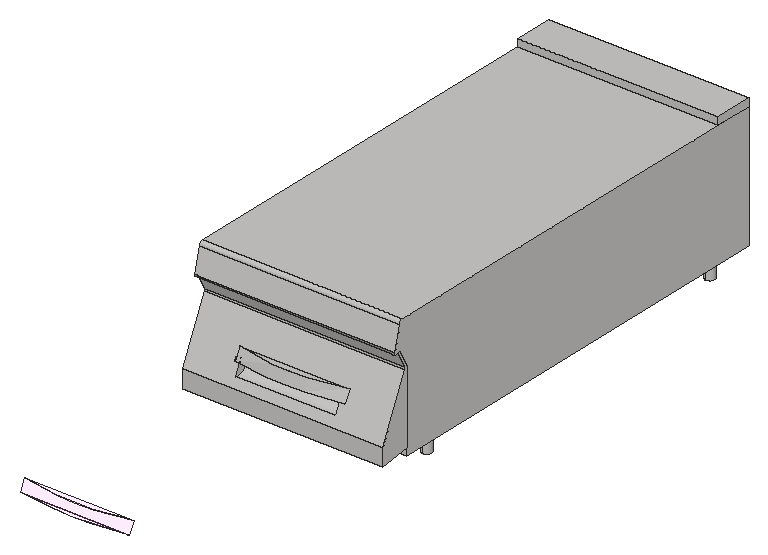
Revit family "QF_ZANUSSI_392159_Z9WTNDN00E", category Specialty Equipment, Revit 2018
Family settings
  Round Connector Dimension = Use Diameter
  Part Type = Normal
  Work Plane-Based = No
  Always vertical = Yes
  Cut with Voids When Loaded = No
  Shared = No
  Room Calculation Point = No
Parameters
  Weight = 0.00 kg
  Watts = 0 W
  Volts = 0 V
  URL Manufacturer = "http://www.zanussiprofessional.com"
  URL = "http://www.zanussiprofessional.com"
  Steam Supply Size = 0"
  Steam Supply Minimum Pressure = 0.00 psi
  Steam Supply Maximum Pressure = 0.00 psi
  Steam Pounds per Hour = 0
  Show Logo [instance] = yes
  Show Clearance [instance] = yes
  Refrigeration Suction Line Size = 0"
  Refrigeration Liquid Line Size = 0"
  Refrigerant Compressor Remote = yes
  Phase = 0
  Model = "Z9WTNDN00E"
  Manufacturer = "Zanussi"
  Length Actual = 400 mm  # constant formula
  Item Number = "392159"
  Hot Water Size = 0"
  Height Actual = 250 mm  # constant formula
  HP = "0 HP"
  Gas Size = 0"
  Gas KW = 0
  Gas Input Pressure = 0.0 Btu/h
  Direct Waste Size = 0"
  Description = "WORKTOP WITH 1 DRAWER 400 MM"
  Depth Actual = 900 mm  # constant formula
  Cycle = 0 Hz
  Condensate Return Size = 0"
  Compressed Air Volume = 0 GPM
  Compressed Air Size = 0"
  Compressed Air Pressure = 0.00 psi
  Cold Water Size = 0"
  Accessory = yes
Reference planes
  plane 1 "BACK": y = 0
  plane 2: z = 0
  plane 3 "LEFT": x = 0
  plane 4 "RIGHT": x = 400
  plane 5 "FRONT": y = -915
  plane 6 "TOP": z = 274
  plane 7 "Center Y": x = 200
  plane 8 "Center X": y = -457.5
  plane 9: z = 24
  plane 10: z = 289
  plane 11: y = -82
  plane 12: y = -790
  plane 13: y = -1452
Forms (mm)
  Extrusion 1, solid, material "QF_Finishes_Stainless Steel"
    sketch origin (0, 0, 0) x (0, 1, 0) y (0, 0, 1)
      loop
        line (0, 24) -> (0, 274) -> (-864.358, 274)
        arc (-864.358, 274) -> (-869.643, 271.811) -> (-871.833, 266.526) r 7.474
        line (-871.833, 266.526) -> (-884.884, 221.011)
        arc (-884.884, 221.011) -> (-884.396, 218.379) -> (-882, 217.184) r 3
        line (-882, 217.184) -> (-871.802, 217.184) -> (-855, 185.382) -> (-855, 24) -> (0, 24)
    from 0 to 400
  Extrusion 2, solid, material "QF_Finishes_Stainless Steel"
    sketch origin (0, -199.871, 0) x (1, 0, 0) y (0, 1, 0)
      loop
        circle (11.112, 117.871) r 9.525
      loop
        circle (388.888, 117.871) r 9.525
      loop
        circle (11.112, -590.129) r 9.525
      loop
        circle (388.888, -590.129) r 9.525
    from 0 to 23.812
  Extrusion 3, solid, material "QF_Finishes_Stainless Steel"
    sketch origin (0, -199.871, 0) x (0, 1, 0) y (0, 0, 1)
      loop
        line (199.871, 274) -> (199.871, 289) -> (123.671, 289) -> (123.671, 274) -> (199.871, 274)
    from 0 to 400
  Extrusion 4, solid, material "QF_Finishes_Stainless Steel"
    sketch origin (400, 0, 0) x (0, 1, 0) y (0, 0, 1)
      loop
        line (-915, 29.508) -> (-855, 37.94) -> (-855, 185.382) -> (-871.802, 217.184) -> (-876.044, 217.184) -> (-858, 184.14) -> (-858, 179.287) -> (-915, 64.508) -> (-915, 29.508)
    from 0 to -400
  Extrusion 5, solid, material "QF_Door-Drawer Clearances", detail levels coarse
    sketch origin (400, 0, 0) x (0, 1, 0) y (0, 0, 1)
      loop
        line (-915, 29.508) -> (-915, 64.508) -> (-858, 179.287) -> (-858, 184.14) -> (-891.044, 217.184) -> (-1428.044, 217.184) -> (-1395, 184.14) -> (-1395, 179.287) -> (-1452, 64.508) -> (-1452, 29.508) -> (-915, 29.508)
    from 0 to -400
  Extrusion 6, void
    sketch origin (200, -233.305, -452.198) x (0, 1, 0) y (0, 0, 1)
      loop
        line (-672.912, 565.282) -> (-672.912, 534.492)
        arc (-672.912, 534.492) -> (-654.376, 540.619) -> (-646.466, 558.467) r 24.091
        line (-646.466, 558.467) -> (-646.466, 565.282) -> (-672.912, 565.282)
    from -100 to 100
  Blend 7, solid, material "QF_Finishes_Stainless Steel"
    base sketch origin (100, -1.504, -7.898) x (1, 0, 0) y (0, 1, 0)
      loop
        arc (-10, -883.568) -> (100, -899.035) -> (210, -883.568) r 398.893
        line (210, -883.568) -> (-10, -883.568)
    top sketch origin (100, -1.504, -7.898) x (1, 0, 0) y (0, 1, 0)
      loop
        arc (-10, -894.666) -> (100, -904.958) -> (210, -894.666) r 593.003
        line (210, -894.666) -> (-10, -894.666)
    from 132.714 to 110.323
  Blend 8, solid, material "QF_Door-Drawer Clearances"
    base sketch origin (100, -538.483, -7.898) x (1, 0, 0) y (0, 1, 0)
      loop
        arc (-10, -883.568) -> (100, -899.035) -> (210, -883.568) r 398.893
        line (210, -883.568) -> (-10, -883.568)
    top sketch origin (100, -538.483, -7.898) x (1, 0, 0) y (0, 1, 0)
      loop
        arc (-10, -894.666) -> (100, -904.958) -> (210, -894.666) r 593.003
        line (210, -894.666) -> (-10, -894.666)
    from 132.714 to 110.323
Cuts and joins
  Extrusion 6 cuts Extrusion 4
  Extrusion 6 cuts Extrusion 5
  Extrusion 6 cuts Extrusion 1
Lines and regions (mm)
  symbolic lines
    curve 1: line (0, -915, 0) -> (400, -915, 0)
    curve 2: line (0, 0, 0) -> (0, -915, 0)
    curve 3: line (400, 0, 0) -> (0, 0, 0)
    curve 4: line (400, -915, 0) -> (400, 0, 0)
    curve 5: line (0, -76.2, 0) -> (400, -76.2, 0)
  symbolic lines, style "QF_Door-Drawer Clearances"
    curve 6: line (0, -915, 0) -> (0, -1446.569, 0)
    curve 7: line (0, -1446.569, 0) -> (400, -1446.569, 0)
    curve 8: line (400, -1446.569, 0) -> (400, -915, 0)
    curve 9: line (400, -1432.763, 0) -> (0, -1432.763, 0)
    curve 10: line (0, -1421.798, 0) -> (400, -1421.798, 0)
Dimensions and locks
  equal spacing: plane 3 "LEFT", plane 7 "Center Y", plane 4 "RIGHT"
  plane 3 "LEFT" to plane 4 "RIGHT" = 400 mm
  equal spacing: plane 5 "FRONT", plane 8 "Center X", plane 1 "BACK"
  plane 5 "FRONT" to plane 1 "BACK" = 915 mm
  plane 10 to level = 289 mm
  plane 9 to level = 24 mm
  plane 9 to plane 2 = 24 mm
  plane 11 to plane 1 "BACK" = 82 mm
  plane 12 to plane 11 = 708 mm
  plane 6 "TOP" to plane 9 = 250 mm
  plane 1 "BACK" to plane 13 = 1452 mm
  aligned and locked: level to plane 2
  aligned and locked: Extrusion 4 to Extrusion 1
Automatic sketch dimensions
  curve 1 to plane 3 "LEFT" = 0 mm
  curve 5 to plane 4 "RIGHT" = 0 mm
  plane 5 "FRONT" to curve 2 = 0 mm
  plane 1 "BACK" to curve 3 = 0 mm
  curve 7 to plane 13 = 5.431 mm
  curve 6 to curve 10 = 24.771 mm
  curve 9 to curve 10 = 10.964 mm
  curve 5 to plane 11 = 5.8 mm
  Extrusion 1 sketch curve to plane 6 "TOP" = 0 mm
  Extrusion 1 sketch curve to plane 9 = 0 mm
  Extrusion 1 sketch curve to plane 1 "BACK" = 0 mm
  Extrusion 1 sketch curve to plane 5 "FRONT" = 60 mm
  Extrusion 1 sketch curve to plane 5 "FRONT" = 50.642 mm
  Extrusion 1 sketch curve to Extrusion 1 sketch curve = 16.802 mm
  Extrusion 1 sketch curve to plane 6 "TOP" = 7.474 mm
  Extrusion 1 sketch curve to Extrusion 1 sketch curve = 10.198 mm
  Extrusion 1 sketch curve to Extrusion 1 sketch curve = 2.884 mm
  Extrusion 1 sketch curve to Extrusion 1 sketch curve = 81.144 mm
  Extrusion 1 sketch curve to Extrusion 1 sketch curve = 31.802 mm
  Extrusion 1 sketch curve to Extrusion 1 sketch curve = 3 mm
  Extrusion 2 sketch curve to Extrusion 2 sketch curve = 0 mm  (x8)
  plane 11 to Extrusion 2 sketch curve = 0 mm  (x2)
  Extrusion 2 sketch curve to plane 12 = 0 mm  (x2)
  plane 3 "LEFT" to Extrusion 2 sketch curve = 11.112 mm  (x2)
  Extrusion 2 sketch curve to plane 4 "RIGHT" = 11.112 mm  (x2)
  Extrusion 2 sketch curve to Extrusion 2 sketch curve = 9.525 mm  (x4)
  Extrusion 3 sketch curve to plane 6 "TOP" = 0 mm
  Extrusion 3 sketch curve to plane 10 = 0 mm
  Extrusion 3 sketch curve to plane 1 "BACK" = 0 mm
  Extrusion 3 sketch curve to plane 11 = 5.8 mm
  Extrusion 1 to Extrusion 4 sketch curve = 0 mm  (x2)
  Extrusion 4 sketch curve to Extrusion 1 = 0 mm  (x2)
  Extrusion 4 sketch curve to Extrusion 4 sketch curve = 4.243 mm
  Extrusion 4 sketch curve to Extrusion 1 = 5.508 mm
  Extrusion 1 to Extrusion 4 sketch curve = 60 mm
  Extrusion 1 to Extrusion 4 sketch curve = 3 mm
  Extrusion 4 sketch curve to Extrusion 1 = 13.94 mm
  Extrusion 4 sketch curve to Extrusion 4 sketch curve = 35 mm
  Extrusion 4 sketch curve to Extrusion 4 sketch curve = 6.096 mm
  Extrusion 4 sketch curve to Extrusion 4 sketch curve = 1.243 mm
  Extrusion 5 sketch curve to Extrusion 1 = 0 mm
  Extrusion 5 sketch curve to Extrusion 1 = 5.508 mm
  Extrusion 1 to Extrusion 5 sketch curve = 597 mm
  Extrusion 5 sketch curve to Extrusion 5 sketch curve = 23.956 mm
  Extrusion 5 sketch curve to Extrusion 5 sketch curve = 33.044 mm
  Extrusion 1 to Extrusion 5 sketch curve = 60 mm
  Extrusion 1 to Extrusion 5 sketch curve = 36.044 mm
  Extrusion 1 to Extrusion 5 sketch curve = 3 mm
  Extrusion 5 sketch curve to Extrusion 5 sketch curve = 35 mm  (x2)
  Extrusion 1 to Extrusion 5 sketch curve = 37.897 mm  (x2)
  Extrusion 5 sketch curve to Extrusion 5 sketch curve = 4.853 mm  (x2)
  Extrusion 6 sketch curve to plane 5 "FRONT" = 8.783 mm
  Extrusion 6 sketch curve to Extrusion 6 sketch curve = 2.355 mm
  Extrusion 6 sketch curve to Extrusion 6 sketch curve = 24.091 mm
  plane 9 to Extrusion 6 sketch curve = 58.294 mm
  Extrusion 6 sketch curve to Extrusion 6 sketch curve = 6.815 mm
  Blend 7 sketch curve to plane 7 "Center Y" = 0 mm  (x2)
  Blend 7 sketch curve to plane 5 "FRONT" = 29.928 mm
  plane 3 "LEFT" to Blend 7 sketch curve = 90 mm  (x2)
  Blend 7 sketch curve to plane 8 "Center X" = 44.146 mm
  Blend 7 sketch curve to plane 5 "FRONT" = 18.83 mm
  plane 8 "Center X" to Blend 7 sketch curve = 144.041 mm
  Blend 8 sketch curve to plane 7 "Center Y" = 0 mm  (x2)
  Blend 8 sketch curve to plane 13 = 29.949 mm
  plane 3 "LEFT" to Blend 8 sketch curve = 90 mm  (x2)
  plane 5 "FRONT" to Blend 8 sketch curve = 123.625 mm
  Blend 8 sketch curve to plane 13 = 18.85 mm
  Blend 8 sketch curve to plane 12 = 60.438 mm
